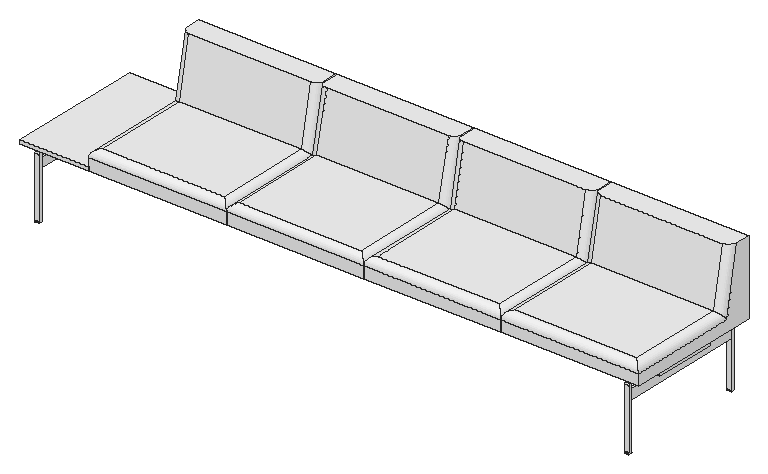
Revit family "FU_LAPSE 0045", category Furniture, Revit 2017
Family settings
  OmniClass Number = 23.40.20.00
  OmniClass Title = General Furniture and Specialties
  Work Plane-Based = No
  Always vertical = Yes
  Cut with Voids When Loaded = No
  Shared = No
  Room Calculation Point = No
Reference planes
  plane 1 "Center (Front/Back)": y = 0
  plane 2: z = 0
  plane 3 "Center (Left/Right)": x = 0
Dimensions and locks
  aligned and locked: level to plane 2
Nested families
  nested 1: "FU_LAPSE 0020 FRAME" at (-180, 0, 0), type "FU_LAPSE 0020 FRAME"
    with Frame Width 3090 mm
  nested 2: "FU_LAPSE 0200TA-Upholstered Seat" at (-1080, 0, 350), type "FU_LAPSE 0200TA-Upholstered Seat"
  nested 3: "FU_LAPSE 0200TA-Upholstered Seat" at (-360, 0, 350), type "FU_LAPSE 0200TA-Upholstered Seat"
  nested 4: "FU_LAPSE 0200TA-Upholstered Seat" at (360, 0, 350), type "FU_LAPSE 0200TA-Upholstered Seat"
  nested 5: "FU_LAPSE 0200TA-Upholstered Seat" at (1080, 0, 350), type "FU_LAPSE 0200TA-Upholstered Seat"
  nested 6: "FU_LAPSE 0440MA-Table" at (-1620, 0, 350), type "FU_LAPSE 0440MA-Table"
Definition of nested family "FU_LAPSE 0020 FRAME"
  Parameters (values of type "FU_LAPSE 0020 FRAME")
    Material = none
    Frame Width = 1290 mm
  Reference planes
    plane 1 "Center (Front/Back)": y = 0
    plane 2: z = 0
    plane 3 "Center (Left/Right)": x = 0
    plane 4: x = -645
    plane 5: x = 645
    plane 6: z = 350
    plane 7: y = -340
    plane 8: y = -330
    plane 9: z = 2.5
    plane 10: y = 165
    plane 11: y = -165
    plane 12: x = -675
    plane 13: x = 675
    plane 14: y = 155
    plane 15: x = -665
    plane 16: y = -155
    plane 17: x = 665
  Forms (mm)
    Extrusion 1, solid, material <- "Material"
      sketch origin (0, 0, 0) x (1, 0, 0) y (0, 1, 0)
        loop
          line (675, 165) -> (-675, 165) -> (-675, -165) -> (675, -165) -> (675, 165)
        loop
          line (-665, 155) -> (-665, -155) -> (665, -155) -> (665, 155) -> (-665, 155)
      from 295 to 350
  Dimensions and locks
    plane 3 "Center (Left/Right)" to plane 4 = 645 mm
    equal spacing: plane 4, plane 3 "Center (Left/Right)", plane 5
    "Frame Width": plane 4 to plane 5
    plane 12 to plane 15 to plane 4 = 10 mm locked, 20 mm locked
    plane 5 to plane 17 to plane 13 = 20 mm locked, 10 mm locked
    aligned and locked: level to plane 2
    aligned and locked: plane 4 to nested 1
    aligned and locked: plane 1 "Center (Front/Back)" to nested 1
    aligned and locked: nested 2 to plane 5
    aligned and locked: plane 1 "Center (Front/Back)" to nested 2
  Automatic sketch dimensions
    plane 10 to Extrusion 1 sketch curve = 0 mm
    Extrusion 1 sketch curve to plane 12 = 0 mm
    Extrusion 1 sketch curve to plane 15 = 0 mm
    plane 14 to Extrusion 1 sketch curve = 0 mm
    Extrusion 1 sketch curve to plane 17 = 0 mm
    Extrusion 1 sketch curve to plane 13 = 0 mm
    plane 11 to Extrusion 1 sketch curve = 0 mm
    plane 16 to Extrusion 1 sketch curve = 0 mm
  Nested families
    nested 1: "FU_LAPSE_FRAME 1" at (-645, 0, 0), type "FU_LAPSE_FRAME 1"
    nested 2: "FU_LAPSE_FRAME 1" at (645, 0, 0), type "FU_LAPSE_FRAME 1"
  Definition of nested family "FU_LAPSE_FRAME 1"
    Parameters (values of type "FU_LAPSE_FRAME 1")
      Material = none
    Reference planes
      plane 1 "Center (Front/Back)": y = 0
      plane 2: z = 0
      plane 3 "Center (Left/Right)": x = 0
    Forms (mm)
      Extrusion 1, solid, material <- "Material"
        sketch origin (0, 0, 0) x (0, 1, 0) y (0, 0, 1)
          loop
            arc (-330, 320) -> (-335, 325) -> (-340, 320) r 5
            line (-340, 320) -> (-340, 5)
            arc (-340, 5) -> (-340.732, 3.232) -> (-342.5, 2.5) r 2.5
            line (-342.5, 2.5) -> (-342.5, 0) -> (-327.5, 0) -> (-327.5, 2.5)
            arc (-327.5, 2.5) -> (-329.268, 3.232) -> (-330, 5) r 2.5
            line (-330, 5) -> (-330, 320)
        from 12.5 to -12.5
      Extrusion 2, solid, material <- "Material"
        sketch origin (0, 0, 0) x (0, -1, 0) y (0, 0, -1)
          loop
            line (-330, -320) -> (-330, -5)
            arc (-330, -5) -> (-329.268, -3.232) -> (-327.5, -2.5) r 2.5
            line (-327.5, -2.5) -> (-327.5, 0) -> (-342.5, 0) -> (-342.5, -2.5)
            arc (-342.5, -2.5) -> (-340.732, -3.232) -> (-340, -5) r 2.5
            line (-340, -5) -> (-340, -320)
            arc (-340, -320) -> (-335, -325) -> (-330, -320) r 5
        from 12.5 to -12.5
      Extrusion 3, solid, material <- "Material"
        sketch origin (0, 0, 0) x (0, 1, 0) y (0, 0, 1)
          loop
            line (330, 295) -> (-330, 295) -> (-330, 245) -> (330, 245) -> (330, 295)
        from 5 to -5
    Dimensions and locks
      aligned and locked: level to plane 2
      aligned and locked: Extrusion 3 sketch curve to Extrusion 2
Definition of nested family "FU_LAPSE 0200TA-Upholstered Seat"
  Parameters (values of type "FU_LAPSE 0200TA-Upholstered Seat")
    Material = none
  Reference planes
    plane 1 "Center (Front/Back)": y = 0
    plane 2: z = 0
    plane 3 "Center (Left/Right)": x = 0
    plane 4: x = -360
    plane 5: x = 360
    plane 6: y = -360
    plane 7: y = 360
    plane 8: z = 390
    plane 9: y = 245
    plane 10: z = 100
    plane 11: y = 185
  Forms (mm)
    Extrusion 1, solid, material <- "Material"
      sketch origin (0, 0, 0) x (0, 1, 0) y (0, 0, 1)
        loop
          line (360, 390) -> (245, 390) -> (185, 100) -> (-360, 100) -> (-360, 0) -> (360, 0) -> (360, 390)
      from -360 to 360
    Sweep 2, void
      path origin (-360, 0, 0) x (0, 1, 0) y (0, 0, 1)
        loop
          line (253.886, 432.949) -> (185, 100) -> (-360, 100)
      profile origin (-360, 219.443, 266.474) x (0, 0.97926, -0.202606) y (1, 0, 0)
        loop
          line (0, 0) -> (40, 0)
          arc (40, 0) -> (11.716, 11.716) -> (0, 40) r 40
          line (0, 40) -> (0, 0)
    Sweep 3, void
      path origin (360, 0, 0) x (0, 1, 0) y (0, 0, -1)
        loop
          line (253.886, -432.949) -> (185, -100) -> (-360, -100)
      profile origin (360, 219.443, 266.474) x (0, -0.97926, 0.202606) y (-1, 0, 0)
        loop
          line (0, 0) -> (0, 40)
          arc (0, 40) -> (-11.716, 11.716) -> (-40, 0) r 40
          line (-40, 0) -> (0, 0)
    Sweep 4, void
      path origin (0, -360, 0) x (0, 0, 1) y (-1, 0, 0)
        loop
          line (100, -385) -> (100, 460)
      profile origin (-37.5, -360, 100) x (0, 0, -1) y (0, -1, 0)
        loop
          line (0, 0) -> (0, -40)
          arc (0, -40) -> (11.716, -11.716) -> (40, 0) r 40
          line (40, 0) -> (0, 0)
  Cuts and joins
    Sweep 2, Sweep 3, Sweep 4 cuts Extrusion 1
  Dimensions and locks
    equal spacing: plane 4, plane 3 "Center (Left/Right)", plane 5
    equal spacing: plane 7, plane 1 "Center (Front/Back)", plane 6
    plane 7 to plane 6 = 720 mm
    plane 4 to plane 5 = 720 mm
    plane 8 to level = 390 mm
    aligned and locked: level to plane 2
    aligned and locked: plane 10 to Extrusion 1 sketch curve
  Automatic sketch dimensions
    Extrusion 1 sketch curve to plane 6 = 0 mm
    Extrusion 1 sketch curve to plane 11 = 0 mm
    Extrusion 1 sketch curve to plane 8 = 0 mm
    Extrusion 1 sketch curve to plane 9 = 0 mm
    Extrusion 1 sketch curve to plane 7 = 0 mm
    Extrusion 1 sketch curve to level = 0 mm
    Sweep 2 sketch curve to Extrusion 1 = 0 mm  (x2)
    Extrusion 1 to Sweep 2 sketch curve = 0 mm  (x2)
    Sweep 2 sketch curve to Extrusion 1 = 42.949 mm
    Sweep 2 sketch curve to profile plane = 0 mm  (x2)
    Sweep 2 sketch curve to profile plane = 40 mm
    Sweep 3 sketch curve to plane 6 = 0 mm
    Sweep 3 sketch curve to plane 10 = 0 mm
    Sweep 3 sketch curve to plane 11 = 0 mm
    plane 9 to Sweep 3 sketch curve = 8.886 mm
    plane 8 to Sweep 3 sketch curve = 42.949 mm
    Sweep 3 sketch curve to profile plane = 0 mm
    profile plane to Sweep 3 sketch curve = 0 mm
    profile plane to Sweep 3 sketch curve = 40 mm
    Sweep 4 sketch curve to profile plane = 0 mm  (x2)
    Sweep 4 sketch curve to profile plane = 40 mm
    Sweep 4 sketch curve to Extrusion 1 = 0 mm
    Sweep 4 sketch curve to Extrusion 1 = 25 mm
    Sweep 4 sketch curve to Extrusion 1 = 100 mm
Definition of nested family "FU_LAPSE 0440MA-Table"
  Parameters (values of type "FU_LAPSE 0440MA-Table")
    Material = none
  Reference planes
    plane 1 "Center (Front/Back)": y = 0
    plane 2: z = 0
    plane 3 "Center (Left/Right)": x = 0
    plane 4: x = -180
    plane 5: x = 180
    plane 6: y = -360
    plane 7: y = 360
    plane 8: z = 19
  Forms (mm)
    Extrusion 1, solid, material <- "Material"
      sketch origin (0, 0, 0) x (1, 0, 0) y (0, 1, 0)
        loop
          line (-180, 360) -> (-180, -360) -> (180, -360) -> (180, 360) -> (-180, 360)
      from 0 to 19
  Dimensions and locks
    equal spacing: plane 4, plane 3 "Center (Left/Right)", plane 5
    equal spacing: plane 7, plane 1 "Center (Front/Back)", plane 6
    plane 7 to plane 6 = 720 mm
    plane 4 to plane 5 = 360 mm
    plane 8 to level = 19 mm
    aligned and locked: level to plane 2
    aligned and locked: plane 7 to Extrusion 1 sketch curve
    aligned and locked: plane 4 to Extrusion 1 sketch curve
    aligned and locked: plane 6 to Extrusion 1 sketch curve
    aligned and locked: plane 5 to Extrusion 1 sketch curve
